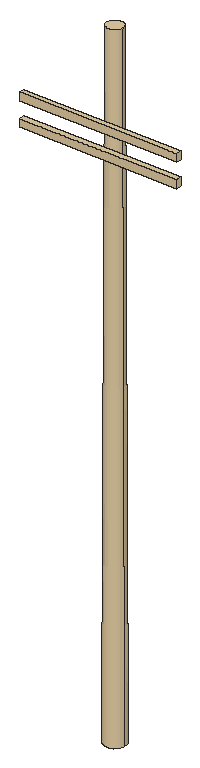
Revit family
Parameters (values of type "12.5 Meters")
  Length = 12500 mm
  Radius = 200 mm
Types (3, lengths in mm): name | Length | Radius
  (no name) | 12500 | 200
  21 Meters | 21000 | 280
  12.5 Meters | 12500 | 200
Reference planes
  plane 1 "Center (Front/Back)": y = 0
  plane 2: z = 0
  plane 3 "Center (Left/Right)": x = 0
Forms (mm)
  Blend 1, solid, material "Wood - Pine"
    base sketch origin (0, 0, 0) x (1, 0, 0) y (0, 1, 0)
      loop
        circle (0, 0) r 200
    top sketch origin (0, 0, 0) x (1, 0, 0) y (0, 1, 0)
      loop
        circle (0, 0) r 152.4
    from 0 to 12500
  Extrusion 2, solid, material "Wood - Pine"
    sketch origin (0, 0, 12500) x (0, -1, 0) y (1, 0, 0)
      loop
        line (304.8, -1524) -> (406.4, -1524) -> (406.4, 1524) -> (304.8, 1524) -> (304.8, -1524)
    from -1524 to -1676.4
  Extrusion 3, solid, material "Wood - Pine"
    sketch origin (0, 0, 12500) x (0, -1, 0) y (1, 0, 0)
      loop
        line (304.8, 1524) -> (304.8, -1524) -> (406.4, -1524) -> (406.4, 1524) -> (304.8, 1524)
    from -1981.2 to -2133.6
Dimensions and locks
  "Length": Blend 1 to plane 2
  "Radius": plane 3 "Center (Left/Right)" to Blend 1 sketch curve
Automatic sketch dimensions
  Blend 1 sketch curve to plane 1 "Center (Front/Back)" = 0 mm  (x2)
  Blend 1 sketch curve to plane 3 "Center (Left/Right)" = 0 mm  (x2)
  Blend 1 sketch curve to plane 3 "Center (Left/Right)" = 152.4 mm
  plane 1 "Center (Front/Back)" to Extrusion 2 sketch curve = 304.8 mm
  Extrusion 2 sketch curve to Extrusion 2 sketch curve = 101.6 mm
  Extrusion 2 sketch curve to plane 3 "Center (Left/Right)" = 1524 mm
  plane 3 "Center (Left/Right)" to Extrusion 2 sketch curve = 1524 mm
  plane 1 "Center (Front/Back)" to Extrusion 3 sketch curve = 304.8 mm
  Extrusion 3 sketch curve to Extrusion 3 sketch curve = 101.6 mm
  Extrusion 3 sketch curve to plane 3 "Center (Left/Right)" = 1524 mm
  plane 3 "Center (Left/Right)" to Extrusion 3 sketch curve = 1524 mm
